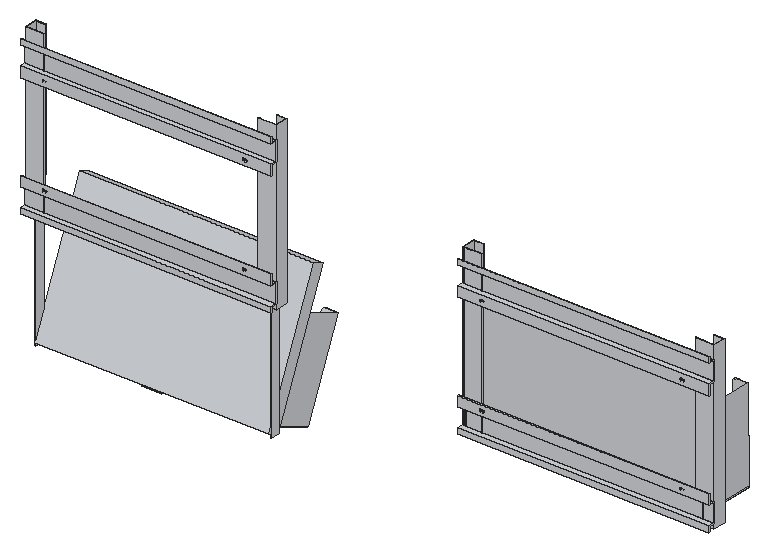
Revit family "AX9094E_0023", category Appareils sanitaires, Revit 2016 (continued)
Forms (mm)
  Extrusion 176, solid, not visible
    sketch origin (-57.754, 131.3, -956.225) x (1, 0, 0) y (0, 0, 1)
      loop
        line (-73.661, 1900.05) -> (-536.889, 1900.05) -> (-536.889, 1622.442) -> (-73.661, 1622.442) -> (-73.661, 1900.05)
    from 18.3 to 43.3
  Extrusion 177, solid, not visible
    sketch origin (-177.362, 13, -957.982) x (1, 0, 0) y (0, 1, 0)
      loop
        line (-247.5, 202) -> (-247.5, 100) -> (-217.5, 100) -> (-217.5, 101) -> (-246.5, 101) -> (-246.5, 201) -> (-217.5, 201) -> (-217.5, 202) -> (-247.5, 202)
    from 1630.266 to 1815.266
  Extrusion 178, solid, not visible
    sketch origin (-395.362, 13, -957.982) x (-1, 0, 0) y (0, -1, 0)
      loop
        line (-247.5, -202) -> (-217.5, -202) -> (-217.5, -201) -> (-246.5, -201) -> (-246.5, -101) -> (-217.5, -101) -> (-217.5, -100) -> (-247.5, -100) -> (-247.5, -202)
    from 1630.266 to 1815.266
  Extrusion 179, solid, not visible
    sketch origin (-382.362, 13, -957.982) x (1, 0, 0) y (0, 1, 0)
      loop
        line (-42.5, 202) -> (-42.5, 100) -> (234.5, 100) -> (234.5, 202) -> (-42.5, 202)
    from 1630.266 to 1631.266
  Extrusion 180, void, not visible
    sketch origin (-382.362, 88, -957.982) x (1, 0, 0) y (0, 0, 1)
      loop
        line (212.293, 1815.266) -> (212.293, 1818.897) -> (199.5, 1818.897) -> (199.5, 1807.473) -> (204.5, 1807.473)
        arc (204.5, 1807.473) -> (206.783, 1812.984) -> (212.293, 1815.266) r 7.793
    from -127 to -25
  Extrusion 181, void, not visible
    sketch origin (-190.362, 88, -957.982) x (-1, 0, 0) y (0, 0, -1)
      loop
        arc (212.293, -1815.266) -> (206.783, -1812.984) -> (204.5, -1807.473) r 7.793
        line (204.5, -1807.473) -> (199.5, -1807.473) -> (199.5, -1818.897) -> (212.293, -1818.897) -> (212.293, -1815.266)
    from -127 to -25
  Extrusion 182, solid, not visible
    sketch origin (-382.362, 88, -957.982) x (1, 0, 0) y (0, 0, 1)
      loop
        line (204.5, 1631.266) -> (204.5, 1645.266) -> (-12.5, 1645.266) -> (-12.5, 1631.266) -> (204.5, 1631.266)
    from -127 to -126
  Extrusion 183, solid, not visible
    sketch origin (-402.036, 13, -115) x (0, 1, 0) y (0, 0, 1)
      loop
        line (182.673, 996.87) -> (102, 996.87) -> (102, 869.33) -> (182.673, 869.33) -> (182.673, 996.87)
    from -151.645 to -48.653
  Extrusion 184, solid, not visible
    sketch origin (-402.036, 13, -115) x (1, 0, 0) y (0, 1, 0)
      loop
        circle (-94.158, 150.829) r 21.911
    from 996.934 to 1009.972
  Extrusion 185, solid, not visible
    sketch origin (-402.036, 13, -115) x (0, 1, 0) y (0, 0, 1)
      loop
        line (138.449, 777.269) -> (138.449, 807.147) -> (116.18, 807.147) -> (116.18, 1037.147) -> (100, 1037.147) -> (100, 777.269) -> (138.449, 777.269)
    from -169.773 to -30.488
  Extrusion 186, void, not visible
    sketch origin (-402.036, 88, -115) x (1, 0, 0) y (0, 0, 1)
      loop
        line (-32.488, 779.269) -> (-32.488, 1035.147) -> (-167.773, 1035.147) -> (-167.773, 779.269) -> (-32.488, 779.269)
    from -63.449 to -27
  Extrusion 187, solid, not visible
    sketch origin (-402.036, 88, -115) x (1, 0, 0) y (0, 0, 1)
      loop
        line (-41.688, 866.468) -> (-164.1, 866.468) -> (-164.1, 797.112) -> (-41.688, 797.112) -> (-41.688, 866.468)
    from -105.493 to -27.894
  Extrusion 188, solid, not visible
    sketch origin (-402.036, 88, -115) x (1, 0, 0) y (0, 0, 1)
      loop
        line (-68.238, 797.112) -> (-124.921, 797.112) -> (-124.921, 793.415) -> (-109.288, 793.415) -> (-93.841, 785.173) -> (-68.238, 797.112)
    from -105.493 to -54.671
  Extrusion 189, void, not visible
    sketch origin (-402.036, 88, -115) x (1, 0, 0) y (0, 0, 1)
      loop
        line (-137.189, 850.697) -> (-123.934, 822.272)
        arc (-123.934, 822.272) -> (-119.778, 841.513) -> (-137.189, 850.697) r 16.284
    from -107.828 to -99.857
  Extrusion 190, void, not visible
    sketch origin (-669.693, 88, 1554.679) x (-1, 0, 0) y (0, 0, -1)
      loop
        line (-137.189, 850.697) -> (-123.934, 822.272)
        arc (-123.934, 822.272) -> (-119.778, 841.513) -> (-137.189, 850.697) r 16.284
    from -107.828 to -99.857
  Extrusion 191, void, not visible
    sketch origin (-402.036, 88, -115) x (1, 0, 0) y (0, 0, 1)
      loop
        circle (-134.065, 834.893) r 22.599
      loop
        circle (-134.065, 834.893) r 23.099
    from -105.493 to -99.857
  Extrusion 192, solid, not visible
    sketch origin (-402.036, 13, -115) x (1, 0, 0) y (0, 1, 0)
      loop
        circle (-93.166, 167.329) r 5.905
      loop
        circle (-93.166, 167.329) r 3.598
    from 782.819 to 789.363
  Extrusion 193, void, not visible
    sketch origin (-402.036, 13, -115) x (1, 0, 0) y (0, 1, 0)
      loop
        line (-167.161, 138.449) -> (-167.161, 108.449) -> (-137.161, 108.449) -> (-137.161, 138.449) -> (-167.161, 138.449)
    from 777.269 to 779.269
  Extrusion 194, void, not visible
    sketch origin (-286.565, 28.462, -1080.215) x (1, 0, 0) y (0, 1, 0)
      loop
        arc (-115.494, 150) -> (-122.358, 138.752) -> (-115.494, 127.504) r 12.648
        line (-115.494, 127.504) -> (115.494, 127.504)
        arc (115.494, 127.504) -> (122.358, 138.752) -> (115.494, 150) r 12.648
        line (115.494, 150) -> (75.246, 150)
        arc (75.246, 150) -> (61.579, 150.358) -> (47.95, 151.431) r 261.137
        arc (47.95, 151.431) -> (26.164, 166.695) -> (0, 171.504) r 62.43
        arc (0, 171.504) -> (-26.164, 166.695) -> (-47.95, 151.431) r 62.43
        arc (-47.95, 151.431) -> (-61.579, 150.358) -> (-75.246, 150) r 261.137
        line (-75.246, 150) -> (-115.494, 150)
    from 1752.5 to 1753.5
  Extrusion 195, void, not visible
    sketch origin (-636.473, -77.259, 0) x (1, 0, 0) y (0, 1, 0)
      loop
        line (249.885, 185.653) -> (249.885, 170.653) -> (294.885, 170.653) -> (294.885, 185.653) -> (249.885, 185.653)
    from 666.217 to 672.285
  Extrusion 196, solid, not visible
    sketch origin (-377.171, 95.608, 0) x (1, 0, 0) y (0, 0, 1)
      loop
        line (33.083, 673.285) -> (-6.917, 673.285) -> (-6.917, 662.269) -> (33.083, 662.269) -> (33.083, 673.285)
    from 0 to 1
  Extrusion 197, solid, not visible
    sketch origin (-57.754, 131.3, -956.225) x (1, 0, 0) y (0, 0, 1)
      loop
        line (-73.661, 1900.05) -> (-536.889, 1900.05) -> (-536.889, 1622.442) -> (-73.661, 1622.442) -> (-73.661, 1900.05)
    from 18.3 to 42.513
  Extrusion 198, solid, not visible
    sketch origin (-177.362, 13, -957.982) x (1, 0, 0) y (0, 1, 0)
      loop
        line (-247.5, 202) -> (-247.5, 100) -> (-217.5, 100) -> (-217.5, 101) -> (-246.5, 101) -> (-246.5, 201) -> (-217.5, 201) -> (-217.5, 202) -> (-247.5, 202)
    from 1630.266 to 1815.266
  Extrusion 199, solid, not visible
    sketch origin (-395.362, 13, -957.982) x (-1, 0, 0) y (0, -1, 0)
      loop
        line (-247.5, -202) -> (-217.5, -202) -> (-217.5, -201) -> (-246.5, -201) -> (-246.5, -101) -> (-217.5, -101) -> (-217.5, -100) -> (-247.5, -100) -> (-247.5, -202)
    from 1630.266 to 1815.266
  Extrusion 200, solid, not visible
    sketch origin (-382.362, 13, -957.982) x (1, 0, 0) y (0, 1, 0)
      loop
        line (-42.5, 202) -> (-42.5, 100) -> (234.5, 100) -> (234.5, 202) -> (-42.5, 202)
    from 1630.266 to 1631.266
  Extrusion 201, void, not visible
    sketch origin (-382.362, 88, -957.982) x (1, 0, 0) y (0, 0, 1)
      loop
        line (212.293, 1815.266) -> (212.293, 1818.897) -> (199.5, 1818.897) -> (199.5, 1807.473) -> (204.5, 1807.473)
        arc (204.5, 1807.473) -> (206.783, 1812.984) -> (212.293, 1815.266) r 7.793
    from -127 to -25
  Extrusion 202, void, not visible
    sketch origin (-190.362, 88, -957.982) x (-1, 0, 0) y (0, 0, -1)
      loop
        arc (212.293, -1815.266) -> (206.783, -1812.984) -> (204.5, -1807.473) r 7.793
        line (204.5, -1807.473) -> (199.5, -1807.473) -> (199.5, -1818.897) -> (212.293, -1818.897) -> (212.293, -1815.266)
    from -127 to -25
  Extrusion 203, solid, not visible
    sketch origin (-382.362, 88, -957.982) x (1, 0, 0) y (0, 0, 1)
      loop
        line (204.5, 1631.266) -> (204.5, 1645.266) -> (-12.5, 1645.266) -> (-12.5, 1631.266) -> (204.5, 1631.266)
    from -127 to -126
  Extrusion 204, solid, not visible
    sketch origin (-402.036, 13, -115) x (0, 1, 0) y (0, 0, 1)
      loop
        line (182.673, 996.87) -> (102, 996.87) -> (102, 869.33) -> (182.673, 869.33) -> (182.673, 996.87)
    from -151.645 to -48.653
  Extrusion 205, solid, not visible
    sketch origin (-402.036, 13, -115) x (1, 0, 0) y (0, 1, 0)
      loop
        circle (-94.158, 150.829) r 21.911
    from 996.934 to 1009.972
  Extrusion 206, solid, not visible
    sketch origin (-402.036, 13, -115) x (0, 1, 0) y (0, 0, 1)
      loop
        line (138.449, 777.269) -> (138.449, 807.147) -> (116.18, 807.147) -> (116.18, 1037.147) -> (100, 1037.147) -> (100, 777.269) -> (138.449, 777.269)
    from -169.773 to -30.488
  Extrusion 207, void, not visible
    sketch origin (-402.036, 88, -115) x (1, 0, 0) y (0, 0, 1)
      loop
        line (-32.488, 779.269) -> (-32.488, 1035.147) -> (-167.773, 1035.147) -> (-167.773, 779.269) -> (-32.488, 779.269)
    from -63.449 to -27
  Extrusion 208, solid, not visible
    sketch origin (-402.036, 88, -115) x (1, 0, 0) y (0, 0, 1)
      loop
        line (-41.688, 866.468) -> (-164.1, 866.468) -> (-164.1, 797.112) -> (-41.688, 797.112) -> (-41.688, 866.468)
    from -105.493 to -27.894
  Extrusion 209, solid, not visible
    sketch origin (-402.036, 88, -115) x (1, 0, 0) y (0, 0, 1)
      loop
        line (-68.238, 797.112) -> (-124.921, 797.112) -> (-124.921, 793.415) -> (-109.288, 793.415) -> (-93.841, 785.173) -> (-68.238, 797.112)
    from -105.493 to -54.671
  Extrusion 210, void, not visible
    sketch origin (-402.036, 88, -115) x (1, 0, 0) y (0, 0, 1)
      loop
        line (-137.189, 850.697) -> (-123.934, 822.272)
        arc (-123.934, 822.272) -> (-119.778, 841.513) -> (-137.189, 850.697) r 16.284
    from -107.828 to -99.857
  Extrusion 211, void, not visible
    sketch origin (-669.693, 88, 1554.679) x (-1, 0, 0) y (0, 0, -1)
      loop
        line (-137.189, 850.697) -> (-123.934, 822.272)
        arc (-123.934, 822.272) -> (-119.778, 841.513) -> (-137.189, 850.697) r 16.284
    from -107.828 to -99.857
  Extrusion 212, void, not visible
    sketch origin (-402.036, 88, -115) x (1, 0, 0) y (0, 0, 1)
      loop
        circle (-134.065, 834.893) r 22.599
      loop
        circle (-134.065, 834.893) r 23.099
    from -105.493 to -99.857
  Extrusion 213, solid, not visible
    sketch origin (-402.036, 13, -115) x (1, 0, 0) y (0, 1, 0)
      loop
        circle (-93.166, 167.329) r 5.905
      loop
        circle (-93.166, 167.329) r 3.598
    from 782.819 to 789.363
  Extrusion 214, void, not visible
    sketch origin (-402.036, 13, -115) x (1, 0, 0) y (0, 1, 0)
      loop
        line (-167.161, 138.449) -> (-167.161, 108.449) -> (-137.161, 108.449) -> (-137.161, 138.449) -> (-167.161, 138.449)
    from 777.269 to 779.269
  Extrusion 215, solid, not visible
    sketch origin (-212.257, 88, -120.415) x (1, 0, 0) y (0, 0, 1)
      loop
        line (-273.909, 1033.562) -> (-305.909, 1033.562) -> (-305.909, 1020.562) -> (-273.909, 1020.562) -> (-273.909, 1033.562)
      loop
        line (-275.909, 1031.475) -> (-294.909, 1031.475) -> (-294.909, 1022.476) -> (-275.909, 1022.476) -> (-275.909, 1031.475)
    from -32 to -27
  Extrusion 216, solid, not visible
    sketch origin (-414.576, -9.553, -141.421) x (0, 1, 0) y (0, 0, 1)
      loop
        line (125.447, 1029.569) -> (125.447, 1027.569) -> (153.447, 1027.569) -> (153.447, 1020.569) -> (155.447, 1020.569) -> (155.447, 1029.569) -> (125.447, 1029.569)
    from -59.645 to -46.645
  Extrusion 217, solid, not visible
    sketch origin (-589.795, -9.553, -141.421) x (0, 1, 0) y (0, 0, -1)
      loop
        line (125.447, -1029.569) -> (155.447, -1029.569) -> (155.447, -1020.569) -> (153.447, -1020.569) -> (153.447, -1027.569) -> (125.447, -1027.569) -> (125.447, -1029.569)
    from -59.645 to -46.645
  Extrusion 218, void, not visible
    sketch origin (-286.565, 28.462, -1080.215) x (1, 0, 0) y (0, 1, 0)
      loop
        arc (-115.494, 150) -> (-122.358, 138.752) -> (-115.494, 127.504) r 12.648
        line (-115.494, 127.504) -> (115.494, 127.504)
        arc (115.494, 127.504) -> (122.358, 138.752) -> (115.494, 150) r 12.648
        line (115.494, 150) -> (75.246, 150)
        arc (75.246, 150) -> (61.579, 150.358) -> (47.95, 151.431) r 261.137
        arc (47.95, 151.431) -> (26.164, 166.695) -> (0, 171.504) r 62.43
        arc (0, 171.504) -> (-26.164, 166.695) -> (-47.95, 151.431) r 62.43
        arc (-47.95, 151.431) -> (-61.579, 150.358) -> (-75.246, 150) r 261.137
        line (-75.246, 150) -> (-115.494, 150)
    from 1752.5 to 1753.5
  Extrusion 219, void, not visible
    sketch origin (-636.473, -77.259, 0) x (1, 0, 0) y (0, 1, 0)
      loop
        line (249.885, 185.653) -> (249.885, 170.653) -> (294.885, 170.653) -> (294.885, 185.653) -> (249.885, 185.653)
    from 666.217 to 672.285
  Extrusion 220, solid, not visible
    sketch origin (-377.171, 95.608, 0) x (1, 0, 0) y (0, 0, 1)
      loop
        line (33.083, 673.285) -> (-6.917, 673.285) -> (-6.917, 662.269) -> (33.083, 662.269) -> (33.083, 673.285)
    from 0 to 1
  Extrusion 221, solid
    sketch origin (-867.927, 112, 96.872) x (1, 0, 0) y (0, 0, 1)
      loop
        line (669.257, 814.658) -> (667.257, 814.658) -> (667.257, 334.53) -> (669.257, 334.53) -> (669.257, 814.658)
    from 0 to 18
  Extrusion 222, solid
    sketch origin (4.247, 112, 96.872) x (-1, 0, 0) y (0, 0, -1)
      loop
        line (669.257, -814.658) -> (669.257, -334.53) -> (667.257, -334.53) -> (667.257, -814.658) -> (669.257, -814.658)
    from 0 to 18
  Extrusion 223, solid, not visible
    sketch origin (-57.754, 131.3, -1196.225) x (1, 0, 0) y (0, 0, 1)
      loop
        line (-72.161, 1900.05) -> (-534.501, 1900.05) -> (-534.501, 1622.442) -> (-72.161, 1622.442) -> (-72.161, 1900.05)
    from 18.3 to 42.513
  Extrusion 224, solid, not visible
    sketch origin (-177.362, 13, -1197.982) x (1, 0, 0) y (0, 1, 0)
      loop
        line (-247.5, 202) -> (-247.5, 100) -> (-217.5, 100) -> (-217.5, 101) -> (-246.5, 101) -> (-246.5, 201) -> (-217.5, 201) -> (-217.5, 202) -> (-247.5, 202)
    from 1630.266 to 1815.266
  Extrusion 225, solid, not visible
    sketch origin (-395.362, 13, -1197.982) x (-1, 0, 0) y (0, -1, 0)
      loop
        line (-247.5, -202) -> (-217.5, -202) -> (-217.5, -201) -> (-246.5, -201) -> (-246.5, -101) -> (-217.5, -101) -> (-217.5, -100) -> (-247.5, -100) -> (-247.5, -202)
    from 1630.266 to 1815.266
  Extrusion 226, solid, not visible
    sketch origin (-382.362, 13, -1197.982) x (1, 0, 0) y (0, 1, 0)
      loop
        line (-42.5, 202) -> (-42.5, 100) -> (234.5, 100) -> (234.5, 202) -> (-42.5, 202)
    from 1630.266 to 1631.266
  Extrusion 227, void, not visible
    sketch origin (-382.362, 88, -1197.982) x (1, 0, 0) y (0, 0, 1)
      loop
        line (212.293, 1815.266) -> (212.293, 1818.897) -> (199.5, 1818.897) -> (199.5, 1807.473) -> (204.5, 1807.473)
        arc (204.5, 1807.473) -> (206.783, 1812.984) -> (212.293, 1815.266) r 7.793
    from -127 to -25
  Extrusion 228, void, not visible
    sketch origin (-190.362, 88, -1197.982) x (-1, 0, 0) y (0, 0, -1)
      loop
        arc (212.293, -1815.266) -> (206.783, -1812.984) -> (204.5, -1807.473) r 7.793
        line (204.5, -1807.473) -> (199.5, -1807.473) -> (199.5, -1818.897) -> (212.293, -1818.897) -> (212.293, -1815.266)
    from -127 to -25
  Extrusion 229, solid, not visible
    sketch origin (-382.362, 88, -1197.982) x (1, 0, 0) y (0, 0, 1)
      loop
        line (204.5, 1631.266) -> (204.5, 1645.266) -> (-12.5, 1645.266) -> (-12.5, 1631.266) -> (204.5, 1631.266)
    from -127 to -126
  Extrusion 230, solid, not visible
    sketch origin (-402.036, 13, -355) x (0, 1, 0) y (0, 0, 1)
      loop
        line (182.673, 996.87) -> (102, 996.87) -> (102, 869.33) -> (182.673, 869.33) -> (182.673, 996.87)
    from -151.645 to -48.653
  Extrusion 231, solid, not visible
    sketch origin (-402.036, 13, -355) x (1, 0, 0) y (0, 1, 0)
      loop
        circle (-94.158, 150.829) r 21.911
    from 996.934 to 1009.972
  Extrusion 232, solid, not visible
    sketch origin (-402.036, 13, -355) x (0, 1, 0) y (0, 0, 1)
      loop
        line (138.449, 777.269) -> (138.449, 807.147) -> (116.18, 807.147) -> (116.18, 1037.147) -> (100, 1037.147) -> (100, 777.269) -> (138.449, 777.269)
    from -169.773 to -30.488
  Extrusion 233, void, not visible
    sketch origin (-402.036, 88, -355) x (1, 0, 0) y (0, 0, 1)
      loop
        line (-32.488, 779.269) -> (-32.488, 1035.147) -> (-167.773, 1035.147) -> (-167.773, 779.269) -> (-32.488, 779.269)
    from -63.449 to -27
  Extrusion 234, solid, not visible
    sketch origin (-402.036, 88, -355) x (1, 0, 0) y (0, 0, 1)
      loop
        line (-41.688, 866.468) -> (-164.1, 866.468) -> (-164.1, 797.112) -> (-41.688, 797.112) -> (-41.688, 866.468)
    from -105.493 to -27.894
  Extrusion 235, solid, not visible
    sketch origin (-402.036, 88, -355) x (1, 0, 0) y (0, 0, 1)
      loop
        line (-68.238, 797.112) -> (-124.921, 797.112) -> (-124.921, 793.415) -> (-109.288, 793.415) -> (-93.841, 785.173) -> (-68.238, 797.112)
    from -105.493 to -54.671
  Extrusion 236, void, not visible
    sketch origin (-402.036, 88, -355) x (1, 0, 0) y (0, 0, 1)
      loop
        line (-137.189, 850.697) -> (-123.934, 822.272)
        arc (-123.934, 822.272) -> (-119.778, 841.513) -> (-137.189, 850.697) r 16.284
    from -107.828 to -99.857
  Extrusion 237, void, not visible
    sketch origin (-669.693, 88, 1314.679) x (-1, 0, 0) y (0, 0, -1)
      loop
        line (-137.189, 850.697) -> (-123.934, 822.272)
        arc (-123.934, 822.272) -> (-119.778, 841.513) -> (-137.189, 850.697) r 16.284
    from -107.828 to -99.857
  Extrusion 238, void, not visible
    sketch origin (-402.036, 88, -355) x (1, 0, 0) y (0, 0, 1)
      loop
        circle (-134.065, 834.893) r 22.599
      loop
        circle (-134.065, 834.893) r 23.099
    from -105.493 to -99.857
  Extrusion 239, solid, not visible
    sketch origin (-402.036, 13, -355) x (1, 0, 0) y (0, 1, 0)
      loop
        circle (-93.166, 167.329) r 5.905
      loop
        circle (-93.166, 167.329) r 3.598
    from 782.819 to 789.363
  Extrusion 240, void, not visible
    sketch origin (-402.036, 13, -355) x (1, 0, 0) y (0, 1, 0)
      loop
        line (-167.161, 138.449) -> (-167.161, 108.449) -> (-137.161, 108.449) -> (-137.161, 138.449) -> (-167.161, 138.449)
    from 777.269 to 779.269
  Extrusion 241, solid, not visible
    sketch origin (-212.257, 88, -360.415) x (1, 0, 0) y (0, 0, 1)
      loop
        line (-273.909, 1033.562) -> (-305.909, 1033.562) -> (-305.909, 1020.562) -> (-273.909, 1020.562) -> (-273.909, 1033.562)
      loop
        line (-275.909, 1031.475) -> (-294.909, 1031.475) -> (-294.909, 1022.476) -> (-275.909, 1022.476) -> (-275.909, 1031.475)
    from -32 to -27
  Extrusion 242, solid, not visible
    sketch origin (-414.576, -9.553, -381.421) x (0, 1, 0) y (0, 0, 1)
      loop
        line (125.447, 1029.569) -> (125.447, 1027.569) -> (153.447, 1027.569) -> (153.447, 1020.569) -> (155.447, 1020.569) -> (155.447, 1029.569) -> (125.447, 1029.569)
    from -59.645 to -46.645
  Extrusion 243, solid, not visible
    sketch origin (-589.795, -9.553, -381.421) x (0, 1, 0) y (0, 0, -1)
      loop
        line (125.447, -1029.569) -> (155.447, -1029.569) -> (155.447, -1020.569) -> (153.447, -1020.569) -> (153.447, -1027.569) -> (125.447, -1027.569) -> (125.447, -1029.569)
    from -59.645 to -46.645
  Extrusion 244, void, not visible
    sketch origin (-286.565, 28.462, -1320.215) x (1, 0, 0) y (0, 1, 0)
      loop
        arc (-115.494, 150) -> (-122.358, 138.752) -> (-115.494, 127.504) r 12.648
        line (-115.494, 127.504) -> (115.494, 127.504)
        arc (115.494, 127.504) -> (122.358, 138.752) -> (115.494, 150) r 12.648
        line (115.494, 150) -> (75.246, 150)
        arc (75.246, 150) -> (61.579, 150.358) -> (47.95, 151.431) r 261.137
        arc (47.95, 151.431) -> (26.164, 166.695) -> (0, 171.504) r 62.43
        arc (0, 171.504) -> (-26.164, 166.695) -> (-47.95, 151.431) r 62.43
        arc (-47.95, 151.431) -> (-61.579, 150.358) -> (-75.246, 150) r 261.137
        line (-75.246, 150) -> (-115.494, 150)
    from 1752.5 to 1753.5
  Extrusion 245, void, not visible
    sketch origin (-636.473, -77.259, -240) x (1, 0, 0) y (0, 1, 0)
      loop
        line (249.885, 185.653) -> (249.885, 170.653) -> (294.885, 170.653) -> (294.885, 185.653) -> (249.885, 185.653)
    from 666.217 to 672.285
  Extrusion 246, solid, not visible
    sketch origin (-377.171, 95.608, -240) x (1, 0, 0) y (0, 0, 1)
      loop
        line (33.083, 673.285) -> (-6.917, 673.285) -> (-6.917, 662.269) -> (33.083, 662.269) -> (33.083, 673.285)
    from 0 to 1
  Extrusion 247, solid
    sketch origin (735.171, 131.3, -1041.503) x (1, 0, 0) y (0, 0, 1)
      loop
        line (-73.661, 1900.05) -> (-536.889, 1900.05) -> (-536.889, 1622.442) -> (-73.661, 1622.442) -> (-73.661, 1900.05)
    from 18.3 to 42.513
  Extrusion 248, solid
    sketch origin (615.562, 13, -1043.26) x (1, 0, 0) y (0, 1, 0)
      loop
        line (-247.5, 202) -> (-247.5, 100) -> (-217.5, 100) -> (-217.5, 101) -> (-246.5, 101) -> (-246.5, 201) -> (-217.5, 201) -> (-217.5, 202) -> (-247.5, 202)
    from 1630.266 to 1815.266
  Extrusion 249, solid
    sketch origin (397.562, 13, -1043.26) x (-1, 0, 0) y (0, -1, 0)
      loop
        line (-247.5, -202) -> (-217.5, -202) -> (-217.5, -201) -> (-246.5, -201) -> (-246.5, -101) -> (-217.5, -101) -> (-217.5, -100) -> (-247.5, -100) -> (-247.5, -202)
    from 1630.266 to 1815.266
  Extrusion 250, solid
    sketch origin (410.562, 13, -1043.26) x (1, 0, 0) y (0, 1, 0)
      loop
        line (-42.5, 202) -> (-42.5, 100) -> (234.5, 100) -> (234.5, 202) -> (-42.5, 202)
    from 1630.266 to 1631.266
  Extrusion 251, void
    sketch origin (410.562, 88, -1043.26) x (1, 0, 0) y (0, 0, 1)
      loop
        line (212.293, 1815.266) -> (212.293, 1818.897) -> (199.5, 1818.897) -> (199.5, 1807.473) -> (204.5, 1807.473)
        arc (204.5, 1807.473) -> (206.783, 1812.984) -> (212.293, 1815.266) r 7.793
    from -127 to -25
  Extrusion 252, void
    sketch origin (602.562, 88, -1043.26) x (-1, 0, 0) y (0, 0, -1)
      loop
        arc (212.293, -1815.266) -> (206.783, -1812.984) -> (204.5, -1807.473) r 7.793
        line (204.5, -1807.473) -> (199.5, -1807.473) -> (199.5, -1818.897) -> (212.293, -1818.897) -> (212.293, -1815.266)
    from -127 to -25
  Extrusion 253, solid
    sketch origin (410.562, 88, -1043.26) x (1, 0, 0) y (0, 0, 1)
      loop
        line (204.5, 1631.266) -> (204.5, 1645.266) -> (-12.5, 1645.266) -> (-12.5, 1631.266) -> (204.5, 1631.266)
    from -127 to -126
  Extrusion 254, solid
    sketch origin (410.562, 240, -1043.26) x (1, 0, 0) y (0, 0, -1)
      loop
        line (204.5, -1631.266) -> (-12.5, -1631.266) -> (-12.5, -1645.266) -> (204.5, -1645.266) -> (204.5, -1631.266)
    from -127 to -126
  Extrusion 255, solid
    sketch origin (390.888, 13, -200.278) x (0, 1, 0) y (0, 0, 1)
      loop
        line (62, 1091.403) -> (62, 1080.27) -> (74.011, 1080.27) -> (74.011, 1043.363) -> (62, 1043.363) -> (62, 1023.177) -> (63, 1023.177) -> (63, 1042.363) -> (74.787, 1042.363) -> (74.787, 1081.287) -> (63, 1081.287) -> (63, 1091.403) -> (62, 1091.403)
    from -206.545 to 288.448
  Extrusion 256, solid
    sketch origin (390.888, 13, 1672.341) x (0, 1, 0) y (0, 0, 1)
      loop
        line (62, -1091.403) -> (63, -1091.403) -> (63, -1081.287) -> (74.787, -1081.287) -> (74.787, -1042.363) -> (63, -1042.363) -> (63, -1023.177) -> (62, -1023.177) -> (62, -1043.363) -> (74.011, -1043.363) -> (74.011, -1080.27) -> (62, -1080.27) -> (62, -1091.403)
    from -206.545 to 288.448
  Extrusion 257, solid
    sketch origin (390.888, 13, -200.278) x (0, 1, 0) y (0, 0, 1)
      loop
        line (182.673, 996.87) -> (102, 996.87) -> (102, 869.33) -> (182.673, 869.33) -> (182.673, 996.87)
    from -151.645 to -48.653
  Extrusion 258, solid
    sketch origin (390.888, 13, -200.278) x (1, 0, 0) y (0, 1, 0)
      loop
        circle (-94.158, 150.829) r 21.911
    from 996.934 to 1009.972
  Extrusion 259, solid
    sketch origin (390.888, 13, -200.278) x (0, 1, 0) y (0, 0, 1)
      loop
        line (138.449, 777.269) -> (138.449, 807.147) -> (116.18, 807.147) -> (116.18, 1037.147) -> (100, 1037.147) -> (100, 777.269) -> (138.449, 777.269)
    from -169.773 to -30.488
  Extrusion 260, void
    sketch origin (390.888, 88, -200.278) x (1, 0, 0) y (0, 0, 1)
      loop
        line (-32.488, 779.269) -> (-32.488, 1034.721) -> (-167.773, 1034.721) -> (-167.773, 779.269) -> (-32.488, 779.269)
    from -63.449 to -27
  Extrusion 261, solid
    sketch origin (390.888, 13, -200.278) x (1, 0, 0) y (0, 1, 0)
      loop
        line (-206.545, 101) -> (-206.545, 74.787) -> (-169.574, 74.787) -> (-169.574, 75.787) -> (-205.545, 75.787) -> (-205.545, 100) -> (-186.545, 100) -> (-186.545, 101) -> (-206.545, 101)
    from 781.217 to 1107.197
  Extrusion 262, void
    sketch origin (390.888, 88, -200.278) x (1, 0, 0) y (0, 0, 1)
      loop
        line (-183.993, 840.915) -> (-201.456, 840.915) -> (-201.456, 792.157) -> (-205.545, 792.157) -> (-205.545, 779.269) -> (-183.993, 779.269) -> (-183.993, 840.915)
    from -27.894 to -0.589
  Extrusion 263, solid
    sketch origin (472.791, 13, -200.278) x (-1, 0, 0) y (0, -1, 0)
      loop
        line (-206.545, -101) -> (-186.545, -101) -> (-186.545, -100) -> (-205.545, -100) -> (-205.545, -75.787) -> (-169.574, -75.787) -> (-169.574, -74.787) -> (-206.545, -74.787) -> (-206.545, -101)
    from 781.217 to 1107.197
  Extrusion 264, void
    sketch origin (472.791, 88, -200.278) x (-1, 0, 0) y (0, 0, -1)
      loop
        line (-183.993, -840.915) -> (-183.993, -779.269) -> (-205.545, -779.269) -> (-205.545, -792.157) -> (-201.456, -792.157) -> (-201.456, -840.915) -> (-183.993, -840.915)
    from -27.894 to -0.589
  Extrusion 265, solid
    sketch origin (390.888, 88, -200.278) x (1, 0, 0) y (0, 0, 1)
      loop
        line (-41.688, 866.468) -> (-164.1, 866.468) -> (-164.1, 797.112) -> (-41.688, 797.112) -> (-41.688, 866.468)
    from -105.493 to -27.894
  Extrusion 266, solid
    sketch origin (390.888, 88, -200.278) x (1, 0, 0) y (0, 0, 1)
      loop
        line (-68.238, 797.112) -> (-124.921, 797.112) -> (-124.921, 793.415) -> (-109.288, 793.415) -> (-93.841, 785.173) -> (-68.238, 797.112)
    from -105.493 to -54.671
  Extrusion 267, void
    sketch origin (390.888, 88, -200.278) x (1, 0, 0) y (0, 0, 1)
      loop
        line (-137.189, 850.697) -> (-123.934, 822.272)
        arc (-123.934, 822.272) -> (-119.778, 841.513) -> (-137.189, 850.697) r 16.284
    from -107.828 to -99.857
  Extrusion 268, void
    sketch origin (123.231, 88, 1469.4) x (-1, 0, 0) y (0, 0, -1)
      loop
        line (-137.189, 850.697) -> (-123.934, 822.272)
        arc (-123.934, 822.272) -> (-119.778, 841.513) -> (-137.189, 850.697) r 16.284
    from -107.828 to -99.857
  Extrusion 269, void
    sketch origin (390.888, 88, -200.278) x (1, 0, 0) y (0, 0, 1)
      loop
        circle (-134.065, 834.893) r 22.599
      loop
        circle (-134.065, 834.893) r 23.099
    from -105.493 to -99.857
  Extrusion 270, solid
    sketch origin (390.888, 13, -200.278) x (1, 0, 0) y (0, 1, 0)
      loop
        circle (-93.166, 167.329) r 5.905
      loop
        circle (-93.166, 167.329) r 3.598
    from 782.819 to 789.363
  Extrusion 271, void
    sketch origin (390.888, 13, -200.278) x (1, 0, 0) y (0, 1, 0)
      loop
        line (-167.161, 138.449) -> (-167.161, 108.449) -> (-137.161, 108.449) -> (-137.161, 138.449) -> (-167.161, 138.449)
    from 777.269 to 779.269
  Extrusion 272, solid
    sketch origin (580.667, 88, -205.693) x (1, 0, 0) y (0, 0, 1)
      loop
        line (-273.909, 1033.562) -> (-305.909, 1033.562) -> (-305.909, 1020.562) -> (-273.909, 1020.562) -> (-273.909, 1033.562)
      loop
        line (-275.909, 1031.475) -> (-294.909, 1031.475) -> (-294.909, 1022.476) -> (-275.909, 1022.476) -> (-275.909, 1031.475)
    from -32 to -27
  Extrusion 273, solid
    sketch origin (378.348, -9.553, -226.7) x (0, 1, 0) y (0, 0, 1)
      loop
        line (125.447, 1029.569) -> (125.447, 1027.569) -> (153.447, 1027.569) -> (153.447, 1020.569) -> (155.447, 1020.569) -> (155.447, 1029.569) -> (125.447, 1029.569)
    from -59.645 to -46.645
  Extrusion 274, solid
    sketch origin (203.129, -9.553, -226.7) x (0, 1, 0) y (0, 0, -1)
      loop
        line (125.447, -1029.569) -> (155.447, -1029.569) -> (155.447, -1020.569) -> (153.447, -1020.569) -> (153.447, -1027.569) -> (125.447, -1027.569) -> (125.447, -1029.569)
    from -59.645 to -46.645
  Extrusion 275, void
    sketch origin (506.359, 28.462, -1165.494) x (1, 0, 0) y (0, 1, 0)
      loop
        arc (-115.494, 150) -> (-122.358, 138.752) -> (-115.494, 127.504) r 12.648
        line (-115.494, 127.504) -> (115.494, 127.504)
        arc (115.494, 127.504) -> (122.358, 138.752) -> (115.494, 150) r 12.648
        line (115.494, 150) -> (75.246, 150)
        arc (75.246, 150) -> (61.579, 150.358) -> (47.95, 151.431) r 261.137
        arc (47.95, 151.431) -> (26.164, 166.695) -> (0, 171.504) r 62.43
        arc (0, 171.504) -> (-26.164, 166.695) -> (-47.95, 151.431) r 62.43
        arc (-47.95, 151.431) -> (-61.579, 150.358) -> (-75.246, 150) r 261.137
        line (-75.246, 150) -> (-115.494, 150)
    from 1752.5 to 1753.5
  Extrusion 276, void
    sketch origin (419.812, 13, -352.996) x (1, 0, 0) y (0, 0, 1)
      loop
        line (-184.46, 1188.488) -> (-189.484, 1188.488)
        arc (-189.484, 1188.488) -> (-191.984, 1185.988) -> (-189.484, 1183.488) r 2.5
        line (-189.484, 1183.488) -> (-184.46, 1183.488)
        arc (-184.46, 1183.488) -> (-181.96, 1185.988) -> (-184.46, 1188.488) r 2.5
    from -63 to -62
  Extrusion 277, void
    sketch origin (814.812, 13, -352.996) x (1, 0, 0) y (0, 0, 1)
      loop
        line (-184.46, 1188.488) -> (-189.484, 1188.488)
        arc (-189.484, 1188.488) -> (-191.984, 1185.988) -> (-189.484, 1183.488) r 2.5
        line (-189.484, 1183.488) -> (-184.46, 1183.488)
        arc (-184.46, 1183.488) -> (-181.96, 1185.988) -> (-184.46, 1188.488) r 2.5
    from -63 to -62
  Extrusion 278, void
    sketch origin (419.812, 13, -546.917) x (1, 0, 0) y (0, 0, 1)
      loop
        line (-184.46, 1188.488) -> (-189.484, 1188.488)
        arc (-189.484, 1188.488) -> (-191.984, 1185.988) -> (-189.484, 1183.488) r 2.5
        line (-189.484, 1183.488) -> (-184.46, 1183.488)
        arc (-184.46, 1183.488) -> (-181.96, 1185.988) -> (-184.46, 1188.488) r 2.5
    from -63 to -62
  Extrusion 279, void
    sketch origin (814.812, 13, -546.917) x (1, 0, 0) y (0, 0, 1)
      loop
        line (-184.46, 1188.488) -> (-189.484, 1188.488)
        arc (-189.484, 1188.488) -> (-191.984, 1185.988) -> (-189.484, 1183.488) r 2.5
        line (-189.484, 1183.488) -> (-184.46, 1183.488)
        arc (-184.46, 1183.488) -> (-181.96, 1185.988) -> (-184.46, 1188.488) r 2.5
    from -63 to -62
  Extrusion 280, void
    sketch origin (156.451, -77.259, -85.278) x (1, 0, 0) y (0, 1, 0)
      loop
        line (249.885, 185.653) -> (249.885, 170.653) -> (294.885, 170.653) -> (294.885, 185.653) -> (249.885, 185.653)
    from 666.217 to 672.285
  Extrusion 281, solid
    sketch origin (415.753, 95.608, -85.278) x (1, 0, 0) y (0, 0, 1)
      loop
        line (33.083, 673.285) -> (-6.917, 673.285) -> (-6.917, 662.269) -> (33.083, 662.269) -> (33.083, 673.285)
    from 0 to 1
Cuts and joins
  Extrusion 5, Extrusion 275 cuts Extrusion 1
  Extrusion 5 cuts Extrusion 3
  Extrusion 6 cuts Extrusion 2
  Extrusion 20 cuts Extrusion 10
  Extrusion 13, Extrusion 24 cuts Extrusion 12
  Extrusion 20, Extrusion 21, Extrusion 22 cuts Extrusion 18
  Extrusion 13 cuts Extrusion 19
  Extrusion 15, Extrusion 262 cuts Extrusion 14
  Extrusion 17, Extrusion 264 cuts Extrusion 16
  Extrusion 28 cuts Extrusion 4
  Extrusion 29, Extrusion 30, Extrusion 276, Extrusion 277 cuts Extrusion 8
  Extrusion 31, Extrusion 32, Extrusion 278, Extrusion 279 cuts Extrusion 9
  Extrusion 33 cuts Extrusion 34
  Extrusion 251 cuts Extrusion 247
  Extrusion 251 cuts Extrusion 249
  Extrusion 252 cuts Extrusion 248
  Extrusion 260, Extrusion 271 cuts Extrusion 259
  Extrusion 260, Extrusion 267, Extrusion 268, Extrusion 269 cuts Extrusion 265
  Extrusion 260 cuts Extrusion 266
  Extrusion 262 cuts Extrusion 222
  Extrusion 262 cuts Extrusion 261
  Extrusion 264 cuts Extrusion 221
  Extrusion 264 cuts Extrusion 263
  Extrusion 275 cuts Extrusion 250
  Extrusion 276, Extrusion 277 cuts Extrusion 255
  Extrusion 278, Extrusion 279 cuts Extrusion 256
  Extrusion 280 cuts Extrusion 281
Lines and regions (mm)
  reference lines, not visible
    curve 1: line (0, 214.668, 675.189) -> (0, 203, 680.368)
Text (mm)
  text "Côté de la mise en place" at (-1820.995, 1116.779, 0), in view "Niveau de réf."
  text "Côté de la mise en place" at (0, 1334.055, 2976.191), in view "Gauche"
  text "Côté de la mise en place" at (0, 439.194, 2944.362), in view "Droite"
Dimensions and locks
  locked: plane 3 "Arrière" to host wall
  aligned and locked: plane 1 "Mur" to host wall
